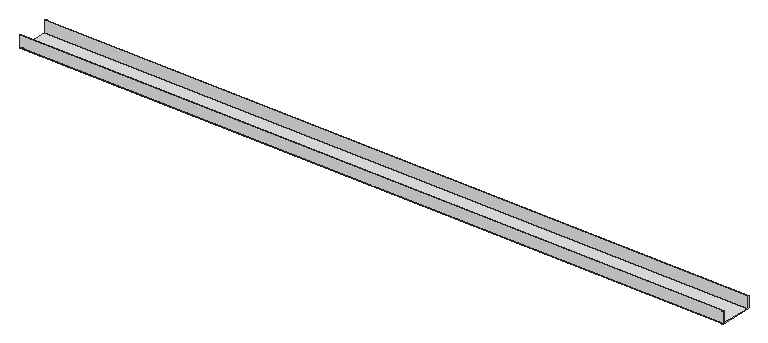
Revit family "profiles PR25G 2015 (2)", category Generic Models, Revit 2015
Parameters (values of type "ISOLAMIN PR25G flashing")
  Profile Length [instance] = 1180 mm
Reference planes
  plane 1 "Center (Front/Back)": y = 0
  plane 2: z = 0
  plane 3 "Center (Left/Right)": x = 0
  plane 4: x = 1180
Forms (mm)
  Extrusion 1, solid, material "ISOLAMIN Surface Material"
    sketch origin (0, 0.711, -0.478) x (0, 1, 0) y (0, 0, 1)
      loop
        line (-51.809, 1.478) -> (-51.809, 20.478) -> (-52.809, 20.478) -> (-52.809, 1.478)
        arc (-52.809, 1.478) -> (-52.516, 0.771) -> (-51.809, 0.478) r 1
        line (-51.809, 0.478) -> (-1.809, 0.478)
        arc (-1.809, 0.478) -> (-1.102, 0.771) -> (-0.809, 1.478) r 1
        line (-0.809, 1.478) -> (-0.809, 20.478) -> (-1.809, 20.478) -> (-1.809, 1.478) -> (-51.809, 1.478)
    from 0 to 1180
Dimensions and locks
  "Profile Length": plane 3 "Center (Left/Right)" to plane 4
  aligned and locked: level to plane 2
  aligned and locked: Extrusion 1 to plane 3 "Center (Left/Right)"
  aligned and locked: plane 4 to Extrusion 1
Automatic sketch dimensions
  level to Extrusion 1 sketch curve = 1 mm
  plane 1 "Center (Front/Back)" to Extrusion 1 sketch curve = 52.098 mm
  Extrusion 1 sketch curve to Extrusion 1 sketch curve = 1 mm  (x2)
  Extrusion 1 sketch curve to Extrusion 1 sketch curve = 0 mm  (x3)
  Extrusion 1 sketch curve to Extrusion 1 sketch curve = 19 mm  (x2)
  plane 1 "Center (Front/Back)" to Extrusion 1 sketch curve = 1.098 mm
